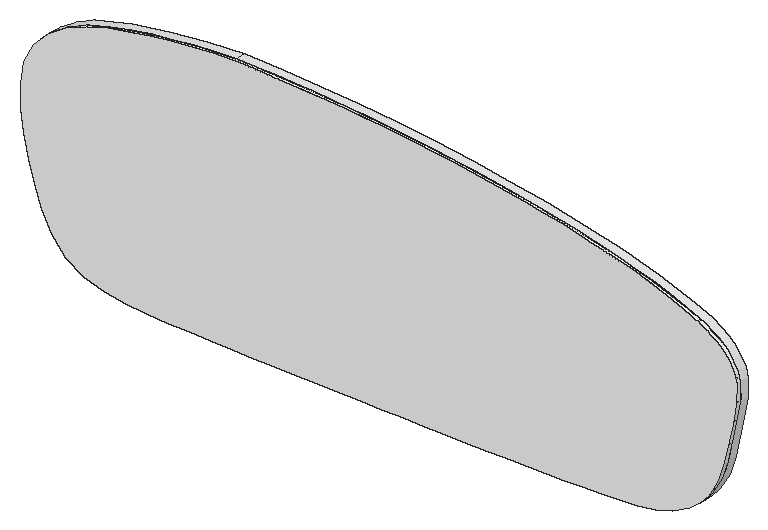
Revit family "Reece_Mirror_ISSY_Glide_Horizontal Mirror", category Casework, Revit 2018
Family settings
  Work Plane-Based = Yes
  Always vertical = Yes
  Cut with Voids When Loaded = Yes
  Shared = Yes
  Room Calculation Point = Yes
Parameters
  Width = 1155 mm  # constant formula
  URL = "https://www.reece.com.au/product/-2308813"
  Type Comments = "Mirror"
  Reece_Product_Web Page = "https://www.reece.com.au/product/-2308813"
  Reece_Product_Type = "Mirror"  # constant formula
  Reece_Product_Sub Brand = "Glide"  # constant formula
  Reece_Product_Number = "2308813"
  Reece_Product_Mount = "Wall Mounted"
  Reece_Product_Description = "ISSY Glide 420mm x 1155mm Large Horizontal Mirror Left"
  Reece_Product_Brand = "ISSY"  # constant formula
  Reece_Overall_Width = 1155 mm  # constant formula
  Reece_Overall_Length = 420 mm  # constant formula
  Reece_Overall_Depth = 21 mm  # constant formula
  Reece_Mirror_Type = Mirror_ISSY_Glide_Horizontal Mirror_Left_Nested : Mirror_ISSY_Glide_Horizontal Mirror_Left_Nested
  Reece_Material_Secondary = Reece_Acrylic_White
  Reece_Material_Main = Reece_Glass_Mirror
  Reece_Height_From_Level [instance] = 1100 mm
  Reece_Detail_Shape = ""
  Reece_Detail_Installation = ""
  Reece_Detail_Disclaimer = "THIS FILE IS THE PROPERTY OF THE REECE GROUP. IT MAY NOT BE REPRODUCED, REVERSE-ENGINEERED OR MODIFIED. ANY REPUBLICATION, TRANSMISSION OR DISTRIBUTION FOR THE PURPOSE OF COMMERCIALLY EXPLOITING THE FILES IS PROHIBITED."  # constant formula
  Reece_Detail_Connector = ""
  Reece_Detail_Additional = "Large, Left"
  Model = "Glide"
  Manufacturer = "ISSY"
  Keynote = "Product #2308813, Reece_Mirror_ISSY_Glide_Horizontal Mirror -  "
  Height = 420 mm  # constant formula
  Finish = "Refer to Technical Guide for trim colour availability"  # constant formula
  Disclaimer = "THIS FILE IS THE PROPERTY OF THE REECE GROUP. IT MAY NOT BE REPRODUCED, REVERSE-ENGINEERED OR MODIFIED. ANY REPUBLICATION, TRANSMISSION OR DISTRIBUTION FOR THE PURPOSE OF COMMERCIALLY EXPLOITING THE FILES IS PROHIBITED."  # constant formula
  Description = "ISSY Glide 420mm x 1155mm Large Horizontal Mirror Left"
  Depth = 21 mm  # constant formula
  Default Elevation = 0 mm
Types (3, lengths in mm): name | URL | Reece_Product_Web Page | Reece_Product_Number | Reece_Product_Description | Reece_Mirror_Type | Reece_Detail_Additional | Keynote | Description
  (no name) | "https://www.reece.com.au/product/-2308813" | "https://www.reece.com.au/product/-2308813" | "2308813" | "ISSY Glide 420mm x 1155mm Large Horizontal Mirror Left" | Mirror_ISSY_Glide_Horizontal Mirror_Left_Nested : Mirror_ISSY_Glide_Horizontal Mirror_Left_Nested | "Large, Left" | "Product #2308813, Reece_Mirror_ISSY_Glide_Horizontal Mirror -  " | "ISSY Glide 420mm x 1155mm Large Horizontal Mirror Left"
  420 mm x 1155 mm x 21 mm_Large, Left | "https://www.reece.com.au/product/-2308813" | "https://www.reece.com.au/product/-2308813" | "2308813" | "ISSY Glide 420mm x 1155mm Large Horizontal Mirror Left" | Mirror_ISSY_Glide_Horizontal Mirror_Left_Nested : Mirror_ISSY_Glide_Horizontal Mirror_Left_Nested | "Large, Left" | "Product #2308813, Reece_Mirror_ISSY_Glide_Horizontal Mirror - 420 mm x 1155 mm x 21 mm_Large, Left" | "ISSY Glide 420mm x 1155mm Large Horizontal Mirror Left"
  420 mm x 1155 mm x 21 mm_Large, Right | "https://www.reece.com.au/product/-2308814" | "https://www.reece.com.au/product/-2308814" | "2308814" | "ISSY Glide 420mm x 1155mm Large Horizontal Mirror Right" | Mirror_ISSY_Glide_Horizontal Mirror_Right_Nested : Mirror_ISSY_Glide_Horizontal Mirror_Right_Nested | "Large, Right" | "Product #2308814, Reece_Mirror_ISSY_Glide_Horizontal Mirror - 420 mm x 1155 mm x 21 mm_Large, Right" | "ISSY Glide 420mm x 1155mm Large Horizontal Mirror Right"
Reference planes
  plane 1 "Center (Front/Back)": y = 0
  plane 2 "Bottom of Mirror": z = 0
  plane 3 "Center (Left/Right)": x = 0
  plane 4: x = -577.5
  plane 5: y = -144.8
  plane 6: x = 577.5
  plane 7 "Top Host Plane": z = 1100
  plane 8: y = -21
  plane 9: z = -5
  plane 10: z = 1520
Lines and regions (mm)
  model lines, style "InvisibleLines"
    curve 1: line (0, 0, 1100) -> (0, 0, -5)
Text (mm)
  text "Reece ©" at (2753.862, -2351, 2911.951), in view "Reece Preview"
  text "Reece Copyright © 2018, Reece Ltd." at (-423.455, -426.518, 0), in view "Ref. Level"
Dimensions and locks
  "Reece_Overall_Width": plane 6 to plane 4
  "Reece_Overall_Depth": plane 8 to plane 1 "Center (Front/Back)"
  locked: plane 9 to level at 5
  "Reece_Height_From_Level": plane 7 "Top Host Plane" to plane 2 "Bottom of Mirror"
  "Reece_Overall_Length": plane 10 to plane 7 "Top Host Plane"
  aligned and locked: plane 9 to curve 1
  aligned and locked: plane 7 "Top Host Plane" to curve 1
Automatic sketch dimensions
  curve 1 to plane 3 "Center (Left/Right)" = 0 mm
Nested families
  nested 1: "Mirror_ISSY_Glide_Horizontal Mirror_Left_Nested" at (0, 0, 1100), type <- "Reece_Mirror_Type", Reece_Material_Main <- "Reece_Material_Main", Reece_Material_Secondary <- "Reece_Material_Secondary", type "Mirror_ISSY_Glide_Horizontal Mirror_Left_Nested"
    with Reece_Material_Secondary Reece_Acrylic_White, Reece_Material_Main Reece_Glass_Mirror
Definition of nested family "Mirror_ISSY_Glide_Horizontal Mirror_Left_Nested"
  Parameters (values of type "Mirror_ISSY_Glide_Horizontal Mirror_Left_Nested")
    Width = 0 mm
    Reece_Product_Web Page = ""
    Reece_Product_Type = ""
    Reece_Product_Sub Brand = ""
    Reece_Product_Number = ""
    Reece_Product_Mount = ""
    Reece_Product_Description = ""
    Reece_Product_Brand = ""
    Reece_Overall_Width = 0 mm
    Reece_Overall_Length = 0 mm
    Reece_Overall_Depth = 0 mm
    Reece_Material_Secondary [instance] = none
    Reece_Material_Main [instance] = none
    Reece_Height_From_Level = 0 mm
    Reece_Detail_Shape = ""
    Reece_Detail_Installation = ""
    Reece_Detail_Connector = ""
    Reece_Detail_Additional = ""
    Height = 0 mm
    Depth = 0 mm
    Default Elevation = 0 mm
  Reference planes
    plane 1 "Center (Front/Back)": y = 0
    plane 2 "Bottom of Mirror": z = 0
    plane 3 "Center (Left/Right)": x = 0
    plane 4: y = -144.8
    plane 5: y = -21
    plane 6: z = -5
    plane 7: z = 420
    plane 8: x = 577.5
    plane 9: x = -577.5
  Forms (mm)
    Extrusion 1, solid, material <- "Reece_Material_Secondary"
      sketch origin (-123.877, 0, 209.996) x (1, 0, 0) y (0, 0, 1)
        loop
          spline (334.876, -209.624) -> (449.605, -207.556) -> (564.011, -200.227) -> (659.803, -142.529) -> (693.598, -33.077) -> (674.989, 72.521) -> (571.702, 121.163) -> (460.822, 150.519) -> (348.045, 171.747) -> (234.425, 187.89) -> (120.261, 199.535) -> (5.739, 206.8) -> (-108.97, 209.955)
          spline (-108.97, 209.955) -> (-223.189, 200.763) -> (-335.755, 179.326) -> (-431.744, 119.293) -> (-451.285, 9.142) -> (-423.356, -102.454) -> (-350.931, -186.915) -> (-238.331, -205.603) -> (-123.696, -207.683) -> (-9.056, -208.919) -> (105.587, -209.684) -> (220.232, -209.998) -> (334.876, -209.624)
      from 0 to 16
    Extrusion 2, solid, material <- "Reece_Material_Main"
      sketch origin (-123.877, -32, 209.996) x (1, 0, 0) y (0, 0, -1)
        loop
          spline (334.876, 209.624) -> (220.232, 209.998) -> (105.587, 209.684) -> (-9.056, 208.919) -> (-123.696, 207.683) -> (-238.331, 205.603) -> (-350.931, 186.915) -> (-423.356, 102.454) -> (-451.285, -9.142) -> (-431.744, -119.293) -> (-335.755, -179.326) -> (-223.189, -200.763) -> (-108.97, -209.955)
          spline (-108.97, -209.955) -> (5.739, -206.8) -> (120.261, -199.535) -> (234.425, -187.89) -> (348.045, -171.747) -> (460.822, -150.519) -> (571.702, -121.163) -> (674.989, -72.521) -> (693.598, 33.077) -> (659.803, 142.529) -> (564.011, 200.227) -> (449.605, 207.556) -> (334.876, 209.624)
      from 11 to 16
  Text (mm)
    text "Reece ©" at (2753.862, -2351, 2911.951), in view "Reece Preview"
    text "Reece Copyright © 2018, Reece Ltd." at (-423.455, -426.518, 0), in view "Ref. Level"
